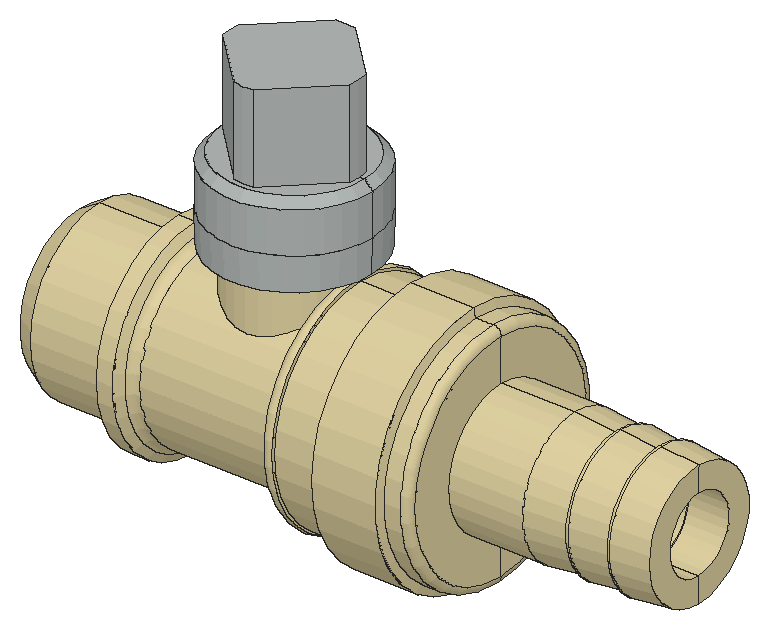
Revit family "QL23631015", category Apparecchi idraulici, Revit 2020
Family settings
  Quota connettore circolare = Usa diametro
  Tipo di parte = Normale
  Numero OmniClass = 23.45.00.00
  Titolo OmniClass = Sanitary, Laundry, and Cleaning Equipment
  Basato su piano di lavoro = No
  Sempre verticale = Sì
  Taglio con vuoti quando caricato = No
  Condiviso = No
  Punto di calcolo locali = No
Parameters
  URL = "https://web.cimberio.it/index.php/figura/951?subcategoria_id="
  Temperatura di esercizio = "-20 ÷ 90°C"
  Prospetto di default = 0 mm
  Produttore = "CIMBERIO SPA"
  Pressione nominale = "PN 16"
  Modello = "Cim 190/2"
  Materiale = "Prodotto in lega di ottone conforme alla norma EN 12165-CW617N-DW"
  Descrizione = "Realizzato in ottemperanza ai requisiti gestionali della norma EN ISO 9001.\r\nCollaudato al 100% secondo la normativa EN 12266-1.\r\nUtilizzato per impianti idraulici domestici e commerciali, impianti di riscaldamento come scarico caldaia"
  DN [instance] = 9 mm
  Type Comments = ""
Reference planes
  plane 1 "Centro (Fronte/Retro)": y = 0
  plane 2: z = 0
  plane 3 "Centro (Sinistra/Destra)": x = 0
Forms (mm)
  Revolve 1, solid, material "Cim_Lega di ottone gialla filetto"
    sketch origin (0, 0, 0) x (1, 0, 0) y (0, 0, 1)
      loop
        line (-26, 4.5) -> (-14, 4.5) -> (-14, 10.45) -> (-23.59, 10.45) -> (-26, 9.007) -> (-26, 4.5)
      axis (-26, 0) -> (-14, 0)
    angle from 0 to 360
  Revolve 2, solid, material "Cim_Lega di ottone gialla"
    sketch origin (0, 0, 0) x (1, 0, 0) y (0, 0, 1)
      loop
        line (-14, -4.5) -> (-14, -12.5) -> (-12, -12.5) -> (-11.423, -11.5)
        arc (-11.423, -11.5) -> (-10.874, -10.951) -> (-10.124, -10.75) r 1.5
        line (-10.124, -10.75) -> (5.412, -10.75) -> (6.711, -13)
        arc (6.711, -13) -> (7.277, -13.454) -> (8, -13.406) r 1
        line (8, -13.406) -> (8, -4.5) -> (-14, -4.5)
      axis (-14, 0) -> (8, 0)
    angle from 0 to 360
  Revolve 3, solid, material "Cim_Lega di ottone gialla filetto"
    sketch origin (0, 0, 0) x (1, 0, 0) y (0, 0, 1)
      loop
        line (8, 13.125) -> (8, 4.5) -> (13.5, 4.5) -> (13.5, 13.125) -> (8, 13.125)
      axis (8, 0) -> (13.5, 0)
    angle from 0 to 360
  Revolve 4, solid, material "Cim_Lega di ottone gialla"
    sketch origin (0, 0, 0) x (1, 0, 0) y (0, 0, 1)
      loop
        arc (25, 13) -> (24.707, 13.707) -> (24, 14) r 1
        line (24, 14) -> (22, 14) -> (21.733, 14.997) -> (14.075, 14.997) -> (13.5, 13.943) -> (13.5, 4.5) -> (25, 4.5) -> (25, 13)
      axis (13.5, 0) -> (25, 0)
    angle from 0 to 360
  Revolve 5, solid, material "Cim_Lega di ottone gialla"
    sketch origin (0, 0, 0) x (1, 0, 0) y (0, 0, 1)
      loop
        line (34, 8) -> (25, 8) -> (25, 4.5) -> (39, 4.5) -> (39, 7.5) -> (34, 8)
      axis (39, 0) -> (25, 0)
    angle from 0 to 360
  Revolve 6, solid, material "Cim_Lega di ottone gialla"
    sketch origin (0, 0, 0) x (1, 0, 0) y (0, 0, 1)
      loop
        line (44, 7.5) -> (39.518, 7.969)
        arc (39.518, 7.969) -> (39.155, 7.851) -> (39, 7.502) r 0.469
        line (39, 7.502) -> (39, 4.5) -> (44, 4.5) -> (44, 7.5)
      axis (39, 0) -> (44, 0)
    angle from 0 to 360
  Revolve 7, solid, material "Cim_Lega di ottone gialla"
    sketch origin (5, 0, 0) x (1, 0, 0) y (0, 0, 1)
      loop
        line (44, 7.5) -> (39.518, 7.969)
        arc (39.518, 7.969) -> (39.155, 7.851) -> (39, 7.502) r 0.469
        line (39, 7.502) -> (39, 4.5) -> (44, 4.5) -> (44, 7.5)
      axis (39, 0) -> (44, 0)
    angle from 0 to 360
  Revolve 8, solid, material "Cim_Lega di ottone gialla"
    sketch origin (0, 0, 0) x (1, 0, 0) y (0, 0, 1)
      loop
        line (0, 18.3) -> (0, 7.255) -> (7.335, 7.255) -> (7.335, 16.85) -> (6.5, 16.85) -> (6.5, 18.3) -> (0, 18.3)
      axis (0, 18.3) -> (0, 7.255)
    angle from 0 to 360
  Revolve 9, solid, material "Cim_Lega di ottone"
    sketch origin (0, 0, 0) x (1, 0, 0) y (0, 0, 1)
      loop
        line (9.5, 18.3) -> (9.5, 23.3) -> (8.5, 24.3) -> (0, 24.3) -> (0, 14.3) -> (9.396, 14.3) -> (9.5, 18.3)
      axis (0, 24.3) -> (0, 14.3)
    angle from 0 to 360
  Extrusion 10, solid, material "Cim_Lega di ottone"
    sketch origin (0, 0, 0) x (1, 0, 0) y (0, 1, 0)
      loop
        arc (-7.707, 1.203) -> (-7.8, 0) -> (-7.707, -1.203) r 7.8
        line (-7.707, -1.203) -> (-1.203, -7.707)
        arc (-1.203, -7.707) -> (0, -7.8) -> (1.203, -7.707) r 7.8
        line (1.203, -7.707) -> (7.707, -1.203)
        arc (7.707, -1.203) -> (7.8, 0) -> (7.707, 1.203) r 7.8
        line (7.707, 1.203) -> (1.203, 7.707)
        arc (1.203, 7.707) -> (0, 7.8) -> (-1.203, 7.707) r 7.8
        line (-1.203, 7.707) -> (-7.707, 1.203)
    from 23.3 to 34.8
Dimensions and locks
  aligned and locked: level to plane 2
Connectors
  piping at (49, 0, 0), diameter 9, driven by "DN"
    settings: on Revolve 7, index 1, connector inside diameter 609.6 mm, connector length 0 mm, flow factor 0, pipe flow 0.0 L/s, pressure drop 0.0 Pa, fitting loss kfactor 0, connector angle 0.00°, fixture units 0, engagement length 0 mm, angle of deflection 0.00°, flow configuration 0, flow direction 0, fitting loss method 0, system type 7, joint type 0, gender type 0, connector reference index -1, connector utility 0, adjustable connector no, is connector primary yes, connector description ""
  piping at (-26, 0, 0), diameter 9, driven by "DN"
    settings: on Revolve 1, index 2, connector inside diameter 609.6 mm, connector length 0 mm, flow factor 0, pipe flow 0.0 L/s, pressure drop 0.0 Pa, fitting loss kfactor 0, connector angle 0.00°, fixture units 0, engagement length 0 mm, angle of deflection 0.00°, flow configuration 0, flow direction 0, fitting loss method 0, system type 7, joint type 0, gender type 0, connector reference index -1, connector utility 0, adjustable connector no, is connector primary no, connector description ""
